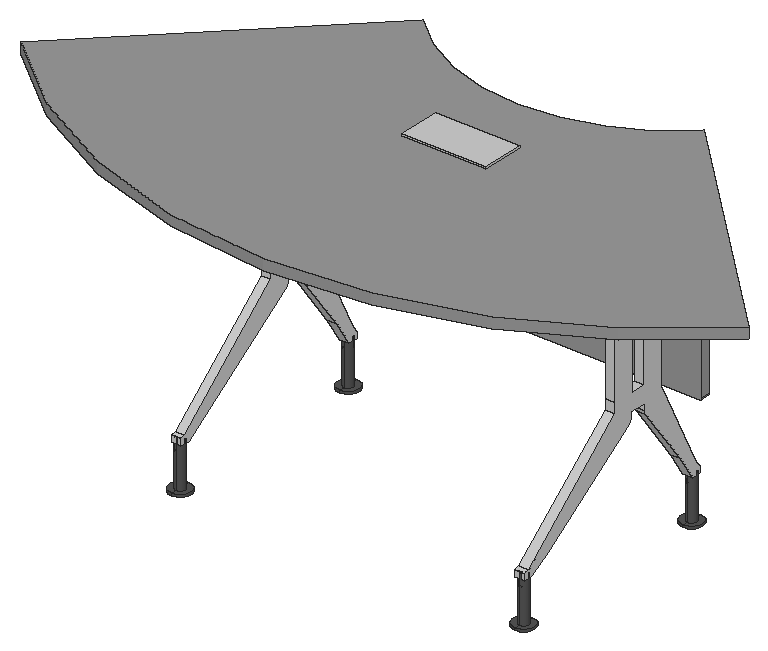
Revit family "Haworth_Planes_TrainingTable_Crescent_AP_PRELIMINARY", category Furniture, Revit 2019 (continued)
Definition of nested family "Haworth_Planes_DeskUnderstructure-PART"
  Automatic sketch dimensions
    Masking region 1 sketch curve to plane 3 "Center (Left/Right)" = 0.581 mm  (x2)
    plane 3 "Center (Left/Right)" to Masking region 1 sketch curve = 10.418 mm
    Masking region 1 sketch curve to Masking region 1 sketch curve = 2.128 mm
    Masking region 1 sketch curve to Masking region 1 sketch curve = 2.197 mm
    Masking region 1 sketch curve to Masking region 1 sketch curve = 2.061 mm
    Masking region 1 sketch curve to Masking region 1 sketch curve = 2.007 mm
    Masking region 1 sketch curve to plane 5 = 81.057 mm
    Masking region 1 sketch curve to plane 1 "Center (Front/Back)" = 86.966 mm
    Masking region 1 sketch curve to Masking region 1 sketch curve = 4.24 mm
    Masking region 1 sketch curve to Masking region 1 sketch curve = 23.665 mm
    Masking region 1 sketch curve to Masking region 1 sketch curve = 23.818 mm
    Masking region 1 sketch curve to Masking region 1 sketch curve = 10.982 mm
    Masking region 1 sketch curve to Masking region 1 sketch curve = 11.918 mm
    plane 6 to Masking region 1 sketch curve = 24.994 mm
    Masking region 1 sketch curve to plane 3 "Center (Left/Right)" = 26.168 mm
    Masking region 1 sketch curve to Masking region 1 sketch curve = 1.365 mm
    Masking region 1 sketch curve to plane 3 "Center (Left/Right)" = 28.728 mm
    Masking region 1 sketch curve to Masking region 1 sketch curve = 3.382 mm
    Masking region 1 sketch curve to plane 3 "Center (Left/Right)" = 0.153 mm
    Masking region 1 sketch curve to Masking region 1 sketch curve = 0.001 mm
    Masking region 1 sketch curve to Masking region 1 sketch curve = 3.702 mm
    Masking region 1 sketch curve to Masking region 1 sketch curve = 3.377 mm
    Masking region 1 sketch curve to Masking region 1 sketch curve = 2.505 mm
    Masking region 1 sketch curve to plane 5 = 29.019 mm
    Masking region 1 sketch curve to Masking region 1 sketch curve = 0.02 mm
    Masking region 1 sketch curve to Masking region 1 sketch curve = 36.417 mm
    Masking region 1 sketch curve to Masking region 1 sketch curve = 36.464 mm
    Masking region 1 sketch curve to Masking region 1 sketch curve = 19.524 mm
    Masking region 1 sketch curve to Masking region 1 sketch curve = 19.499 mm
    Extrusion 1 sketch curve to plane 3 "Center (Left/Right)" = 25.575 mm  (x2)
    Extrusion 2 sketch curve to plane 3 "Center (Left/Right)" = 28.728 mm
    Extrusion 3 sketch curve to plane 3 "Center (Left/Right)" = 26.168 mm
Types (3, lengths in mm): name | With Screen | Small | Large | Glides | Flip Top | Casters | Actual Depth
  (no name) | yes | no | yes | yes | yes | no | 750
  1700w x 650d | no | yes | no | no | no | yes | 650
  1700w x 750d | yes | no | yes | yes | yes | no | 750
